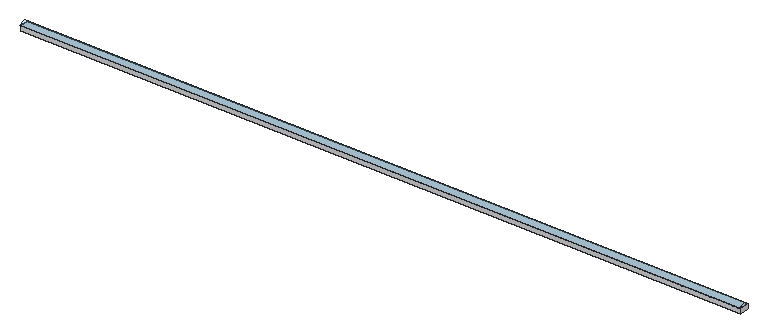
Revit family "277V SENCILLA 5630 IP65_S2560.W.1", category Luminarias, Revit 2019
Family settings
  Cota de conector redondo = Diámetro de uso
  Tipo de pieza = Normal
  Se basa en plano de trabajo = Sí
  Siempre vertical = No
  Corte con vacíos al cargar = No
  Origen de luz = Sí
  Compartido = No
  Punto de cálculo de habitación = No
Parameters (values of type "277V SENCILLA 5630 IP65_S2560.W.1")
  Tilt Angle = 60.00°
  Zone [instance] = ""
  Watt per fixture [instance] = (Longitud / 1000 mm) * (6)  # 6
  Wattage = 13.53 W
  built-in parameter 1150107 = 3000 (stored number, unit not read)
  built-in parameter 1150110 = 1 (stored number, unit not read)
  built-in parameter 1150109 = 1 (stored number, unit not read)
  built-in parameter 1150112 = 1 (stored number, unit not read)
  built-in parameter 1150113 = 1 (stored number, unit not read)
  built-in parameter 1114218 = 1 (stored number, unit not read)
  built-in parameter 1150137 = (empty or 0)
  built-in parameter 1150132 = (empty or 0)
  Modelo = "S2560.W.1"
  Lámpara = "5050 SMD"
  Longitud de línea de emisión = 600 mm
  Longitud [instance] = 1000 mm
  LCl1 Conector Intermedio [instance] = 0
  LCG2 Funda Termo contractil [instance] = (LCC6 Convertidor de Corriente) * (2)  # 2
  LCF3 Tapa Final [instance] = (LCC6 Convertidor de Corriente) * (1)  # 1
  LCC6 Convertidor de Corriente [instance] = 1
  LCA1 Conector Aguja [instance] = (LCC6 Convertidor de Corriente) * (1)  # 1
  built-in parameter 1150105 = 995.73 (stored number, unit not read)
  built-in parameter 1150102 = (empty or 0)
  built-in parameter 1150106 = 9.9573 (stored number, unit not read)
  Lumens = 12512.7 lm
  Color Filter = 16777215
  built-in parameter 1114217 = 1 (stored number, unit not read)
  built-in parameter 1150139 = (empty or 0)
  Fabricante = "BRILLANT"
  Default Elevation = 0 mm
  built-in parameter 1150104 = 85.918 (stored number, unit not read)
  Descripción = "TIRA LED SENCILLA DE PCB CON RECUBRIMIENTO DE PLASTICO 14MM MONOCROMATICA , CON UNA POTENCIA DE 13.53W/M DE UN TIPO DE LED 5630 SMD, USO PARA INTERIORES COMO EXTERIORES IP65, IRC80, 60 LEDS POR METRO, PRESENTACION DE 50M, TEMPERATURA EN BLANCO CALIDO 3000K, 924.81 LUMENES POR METRO, EFICIENCIA DE 68.35 LM/W, CORTE A 1M, ALIMENTADA A 277V, REQUIERE ACCESORIOS COMO CONVERTIDOR DE CORRIENTE (1 POR SEGMENTO DE TIRA), CONECTOR INTERMEDIO (CONSIDERAR EN CORTES DE TIRA O ANGULOS CERRADOS), CONECTOR AGUJA (CONSIDERAR 1PZA PRO CADA CONVERTIDOR), FUNDA TERMOCONTRACTIL (CONSIDERAR 2PZAS POR SEGMENTO DE TIRA), TAPA FINAL (CONSIDERAR 1PZA POR SEGMENTO DE TIRA) Y CLIPS DE SUJECION (CONSIDERAR 4 PZAS POR 1M)"
  built-in parameter 1150115 = 1 (stored number, unit not read)
  built-in parameter 1150114 = 1 (stored number, unit not read)
  Costo USD_S2560 [instance] = (Longitud / 1000 mm) * (11)  # 11
  Cost = 0
  Comentarios de vataje = "277V"
  built-in parameter 1150138 = (empty or 0)
  built-in parameter 1150134 = (empty or 0)
  Circuit [instance] = ""
  Dimming Lamp Color Temperature Shift = (empty or 0)
  CL1 Clips de sujecion [instance] = (Longitud / 1000 mm) * (4)  # 4
  Archivo de red fotométrica = "S25120.W.1_277V DOBLE 5630 IP65.IES"
  built-in parameter 1150133 = 10 (stored number, unit not read)
Reference planes
  plane 1 "Centro (Frontal/Posterior)": y = 0
  plane 2: z = 0
  plane 3 "Centro (Izquierda/Derecha)": x = 0
  plane 4: x = 0
  plane 5: z = 12
  plane 6: x = -1000
Forms (mm)
  Extrusion 1, solid
    sketch origin (0, 0, 0) x (1, 0, 0) y (0, 1, 0)
      loop
        line (-1000, 6.476) -> (-1000, -6.493) -> (0, -6.493) -> (0, 6.476) -> (-1000, 6.476)
    from 0 to 6.038
  Extrusion 2, solid, material "Cristal"
    sketch origin (0, 0, 0) x (0, 1, 0) y (0, 0, 1)
      loop
        arc (6.5, 6.038) -> (0, 10.038) -> (-6.5, 6.038) r 7.281
        line (-6.5, 6.038) -> (6.5, 6.038)
    from -1000 to 0
Dimensions and locks
  "Longitud": plane 6 to plane 4
  aligned and locked: level to plane 2
  aligned and locked: Extrusion 1 to plane 4
  aligned and locked: plane 6 to Extrusion 1
  aligned and locked: Extrusion 2 to Extrusion 1
  aligned and locked: plane 3 "Centro (Izquierda/Derecha)" to Extrusion 2
  aligned and locked: plane 3 "Centro (Izquierda/Derecha)" to Extrusion 1
Automatic sketch dimensions
  Extrusion 1 sketch curve to plane 6 = 0 mm
  Extrusion 1 sketch curve to plane 3 "Centro (Izquierda/Derecha)" = 0 mm
  plane 1 "Centro (Frontal/Posterior)" to Extrusion 1 sketch curve = 6.493 mm
  Extrusion 1 sketch curve to plane 1 "Centro (Frontal/Posterior)" = 6.476 mm
  level to Extrusion 2 sketch curve = 2.757 mm
  Extrusion 2 sketch curve to plane 1 "Centro (Frontal/Posterior)" = 0 mm
  plane 1 "Centro (Frontal/Posterior)" to Extrusion 2 sketch curve = 6.5 mm
  Extrusion 2 sketch curve to plane 5 = 5.962 mm
Connectors
  electrical at (0, -0.009, 3.019)
    settings: on Extrusion 1, index 1, voltage 277 V, apparent load 0 VA, apparent load phase1 0 VA, apparent load phase2 0 VA, apparent load phase3 0 VA, power factor 1, load classification "Otro", number of poles 1, system type 31, power factor state 1, is connector primary yes, connector utility no, sub classification motor no, connector description ""
